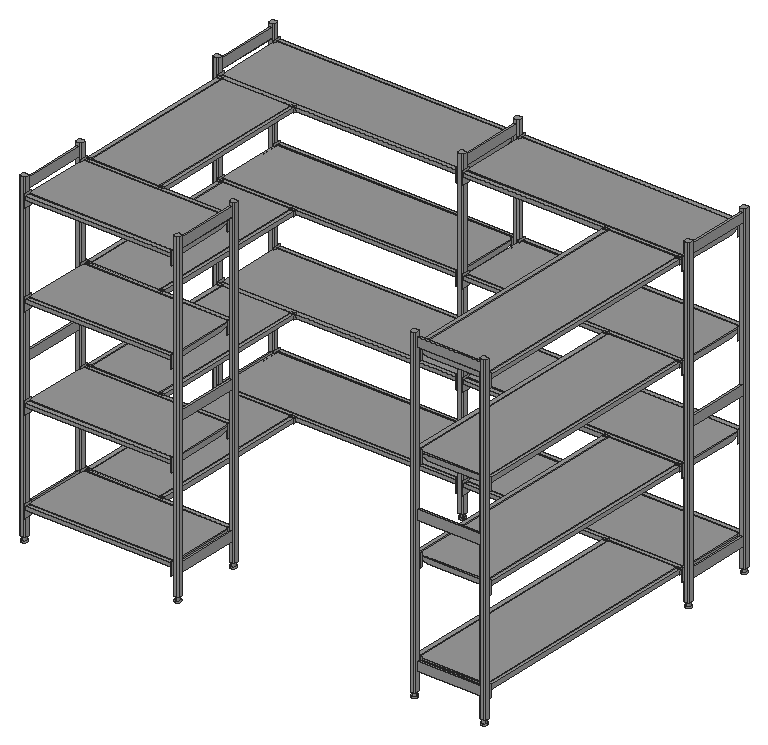
Revit family "QF_ELECTROLUXPROFESSIONAL_137101_CRS2416", category Attrezzature speciali, Revit 2020
Family settings
  Quota connettore circolare = Usa diametro
  Tipo di parte = Normale
  Basato su piano di lavoro = No
  Sempre verticale = Sì
  Taglio con vuoti quando caricato = No
  Condiviso = No
  Punto di calcolo locali = No
Parameters (values of type "Standard")
  Weight = 83.00 kg
  Watts = 0 W
  Volts = 0 V
  URL Manufacturer = "https://www.electroluxprofessional.com/"
  URL = "https://www.electroluxprofessional.com/"
  Steam Supply Size = 0 mm
  Steam Supply Minimum Pressure = 0.0 Pa
  Steam Supply Maximum Pressure = 0.0 Pa
  Steam Consumption per Hour = 0
  Refrigeration Suction Line Size = 0 mm
  Refrigeration Liquid Line Size = 0 mm
  Refrigerant Compressor Remote = yes
  Prospetto di default = 0 mm
  Produttore = "Electrolux Professional"
  Phase = 0
  Modello = "CRS2416"
  Length Actual = 708 mm  # constant formula
  Item Number = "137101"
  Hot Water Size = 0 mm
  Height Actual = 1550 mm  # constant formula
  HP = "0 HP"
  Gas Size = 0 mm
  Gas KW = 0
  Gas Input Pressure = 0 W
  Direct Waste Size = 0 mm
  Descrizione = "ALUM.SHELV.,POLY.TIERS-COLDROOM 243X163"
  Depth Actual = 373 mm  # constant formula
  Cycle = 0 Hz
  Condensate Return Size = 0 mm
  Compressed Air Volume = 0.0 L/s
  Compressed Air Size = 0 mm
  Compressed Air Pressure = 0.0 Pa
  Cold Water Size = 0 mm
  Accessory = yes
Reference planes
  plane 1 "Center (Front/Back)": y = 0
  plane 2: z = 0
  plane 3 "Center (Left/Right)": x = 0
  plane 4: x = -1215
  plane 5: y = 815
  plane 6: y = -815
  plane 7: x = 1215
  plane 8: x = -1157
  plane 9: x = 1157
  plane 10: y = 780.5
  plane 11: y = -780.5
Forms (mm)
  Extrusion 1, solid, material "QF_Clearances", detail levels coarse
    sketch origin (0, 0, 0) x (1, 0, 0) y (0, 1, 0)
      loop
        line (-1215, -815) -> (1215, -815) -> (1215, 815) -> (-1215, 815) -> (-1215, -815)
      loop
        line (1157, -780.5) -> (1157, 780.5) -> (-1157, 780.5) -> (-1157, -780.5) -> (1157, -780.5)
    from 0 to 1590
Lines and regions (mm)
  symbolic lines, style "QF_Clearances"
    curve 1: line (-1215, 815, 0) -> (-1215, -815, 0)
    curve 2: line (1215, 815, 0) -> (-1215, 815, 0)
    curve 3: line (1215, -815, 0) -> (1215, 815, 0)
Dimensions and locks
  equal spacing: plane 5, plane 1 "Center (Front/Back)", plane 6
  plane 5 to plane 6 = 1630 mm
  equal spacing: plane 4, plane 3 "Center (Left/Right)", plane 7
  plane 4 to plane 7 = 2430 mm
  plane 4 to plane 8 = 58 mm  (x2)
  plane 8 to plane 9 = 2314 mm
  plane 11 to plane 6 = 34.5 mm
  plane 10 to plane 11 = 1561 mm
  Extrusion 1 to nested 4 = 775.5 mm
  aligned and locked: level to plane 2
  aligned and locked: plane 4 to Extrusion 1 sketch curve
  aligned and locked: Extrusion 1 sketch curve to plane 5
  aligned and locked: Extrusion 1 sketch curve to plane 7
  aligned and locked: Extrusion 1 sketch curve to plane 8
  aligned and locked: plane 10 to Extrusion 1 sketch curve
  aligned and locked: plane 9 to Extrusion 1 sketch curve
  aligned and locked: Extrusion 1 sketch curve to plane 11
  aligned and locked: Extrusion 1 sketch curve to plane 6
Automatic sketch dimensions
  curve 1 to plane 4 = 0 mm
  curve 2 to plane 5 = 0 mm
  curve 2 to plane 7 = 0 mm
  curve 1 to plane 6 = 0 mm
  curve 3 to plane 6 = 0 mm
Nested families
  nested 1: "QF_1152" at (-518, 757.5, 0), type "QF_1152"
  nested 2: "QF_1062" at (625, 757.5, 0), type "QF_1062"
  nested 3: "QF_798G2" at (-905.5, 123, 0), type "QF_798G2"
  nested 4: "QF_708" at (-736.5, -417.5, 0), type "QF_708"
  nested 5: "QF_1152G" at (967.5, -231, 0), type "QF_1152G"
Definition of nested family "QF_1152"
  Parameters
    Default Elevation = 0 mm
    Model = "137015"
    Manufacturer = "Electrolux Professional"
    Description = ""
  Reference planes
    plane 1: z = 0
    plane 2 "Center (Left/Right)": x = -31
    plane 3 "LEFT": x = -639
    plane 4 "RIGHT": x = 577
    plane 5 "BACK": y = 23
    plane 6 "FRONT": y = -350
    plane 7 "TOP": z = 1700
    plane 8: x = 572
    plane 9: x = -607
    plane 10: x = 545
    plane 11 "Center (Front/Back)": y = -163.5
    plane 12: x = 540
    plane 13: y = -8.5
    plane 14: y = -318.5
    plane 15 "FEET": z = 25
    plane 16: z = 140
    plane 17: z = 590
    plane 18: z = 1040
    plane 19: z = 1490
    plane 20 "CXLeft": x = -625
    plane 21 "CXRight": x = 563
    plane 22: y = 5.5
    plane 23 "CYBack": y = 5.5
    plane 24 "CYFront": y = -332.5
  Forms (mm)
    Extrusion 1, solid
      sketch origin (-639, 0, 0) x (0, 1, 0) y (0, 0, 1)
        loop
          line (4, 1515.994) -> (4, 1497.998) -> (23, 1497.998) -> (23, 1515.994) -> (4, 1515.994)
        loop
          line (-331, 1515.994) -> (-350, 1515.994) -> (-350, 1497.998) -> (-331, 1497.998) -> (-331, 1515.994)
        loop
          line (4, 1065.994) -> (4, 1047.998) -> (23, 1047.998) -> (23, 1065.994) -> (4, 1065.994)
        loop
          line (-331, 1065.994) -> (-350, 1065.994) -> (-350, 1047.998) -> (-331, 1047.998) -> (-331, 1065.994)
        loop
          line (4, 615.994) -> (4, 597.998) -> (23, 597.998) -> (23, 615.994) -> (4, 615.994)
        loop
          line (-331, 615.994) -> (-350, 615.994) -> (-350, 597.998) -> (-331, 597.998) -> (-331, 615.994)
        loop
          line (4, 165.994) -> (4, 147.998) -> (23, 147.998) -> (23, 165.994) -> (4, 165.994)
        loop
          line (-331, 165.994) -> (-350, 165.994) -> (-350, 147.998) -> (-331, 147.998) -> (-331, 165.994)
      from 32 to 1184
    Extrusion 2, solid
      sketch origin (-639, 0, 135) x (0, 1, 0) y (0, 0, 1)
        loop
          line (2.007, 1380.994) -> (-329, 1380.994) -> (-329, 1374.496) -> (2.007, 1374.496) -> (2.007, 1380.994)
        loop
          line (2.007, 930.994) -> (-329, 930.994) -> (-329, 924.496) -> (2.007, 924.496) -> (2.007, 930.994)
        loop
          line (2.007, 480.994) -> (-329, 480.994) -> (-329, 474.496) -> (2.007, 474.496) -> (2.007, 480.994)
        loop
          line (2.007, 30.994) -> (-329, 30.994) -> (-329, 24.496) -> (2.007, 24.496) -> (2.007, 30.994)
      from 32 to 1184
    Extrusion 3, solid
      sketch origin (577, 0, 135) x (0, 1, 0) y (0, 0, 1)
        loop
          line (-12, 1362.998) -> (4, 1362.998) -> (4, 1380.994) -> (2.007, 1380.994) -> (2.007, 1374.496) -> (-329, 1374.496) -> (-329, 1380.994) -> (-331, 1380.994) -> (-331, 1362.998) -> (-315, 1362.998) -> (-281, 1350.994) -> (-46, 1350.994) -> (-12, 1362.998)
        loop
          line (-12, 912.998) -> (4, 912.998) -> (4, 930.994) -> (2.007, 930.994) -> (2.007, 924.496) -> (-329, 924.496) -> (-329, 930.994) -> (-331, 930.994) -> (-331, 912.998) -> (-315, 912.998) -> (-281, 900.994) -> (-46, 900.994) -> (-12, 912.998)
        loop
          line (-12, 462.998) -> (4, 462.998) -> (4, 480.994) -> (2.007, 480.994) -> (2.007, 474.496) -> (-329, 474.496) -> (-329, 480.994) -> (-331, 480.994) -> (-331, 462.998) -> (-315, 462.998) -> (-281, 450.994) -> (-46, 450.994) -> (-12, 462.998)
        loop
          line (-12, 12.998) -> (4, 12.998) -> (4, 30.994) -> (2.007, 30.994) -> (2.007, 24.496) -> (-329, 24.496) -> (-329, 30.994) -> (-331, 30.994) -> (-331, 12.998) -> (-315, 12.998) -> (-281, 0.994) -> (-46, 0.994) -> (-12, 12.998)
      from -32 to -37
  Lines and regions (mm)
    symbolic lines
      curve 1: line (545, 4, 1700) -> (-607, 4, 1700)
      curve 2: line (-611, 23, 1700) -> (549, 23, 1700)
      curve 3: line (549, 13.246, 1700) -> (555.254, 19.5, 1700)
      curve 4: line (555.254, -8.5, 1700) -> (549, -2.246, 1700)
      curve 5: line (555.254, -318.5, 1700) -> (549, -324.754, 1700)
      curve 6: line (-611, -350, 1700) -> (549, -350, 1700)
      curve 7: line (549, 23, 1700) -> (549, -12.993, 1700)
      curve 8: line (549, -12.993, 1700) -> (545, -12.993, 1700)
      curve 9: line (549, -350, 1700) -> (549, -314.007, 1700)
      curve 10: line (549, -314.007, 1700) -> (545, -314.007, 1700)
      curve 11: line (-607, -12.993, 1700) -> (-607, -314.007, 1700)
      curve 12: line (-607, -331, 1700) -> (545, -331, 1700)
      curve 13: line (545, -12.993, 1700) -> (545, -314.007, 1700)
  Dimensions and locks
    locked: plane 3 "LEFT" to plane 4 "RIGHT" at 1216
    equal spacing: plane 3 "LEFT", plane 2 "Center (Left/Right)", plane 4 "RIGHT"
    locked: plane 7 "TOP" to level at 1700
    locked: plane 5 "BACK" to plane 6 "FRONT" at 373
    locked: plane 4 "RIGHT" to plane 8 at 5
    locked: plane 9 to plane 10 at 1152
    locked: plane 3 "LEFT" to plane 9 at 32
    plane 12 to plane 10 = 5 mm
    locked: plane 13 to plane 14 at 310
    equal spacing: plane 13, plane 11 "Center (Front/Back)", plane 14
    equal spacing: plane 5 "BACK", plane 11 "Center (Front/Back)", plane 6 "FRONT"
    plane 15 "FEET" to level = 25 mm
    plane 7 "TOP" to plane 15 "FEET" = 1675 mm
    plane 17 to plane 16 = 450 mm
    plane 18 to plane 17 = 450 mm
    plane 19 to plane 18 = 450 mm
    locked: plane 3 "LEFT" to plane 20 "CXLeft" at 14
    locked: plane 21 "CXRight" to plane 4 "RIGHT" at 14
    locked: plane 5 "BACK" to plane 23 "CYBack" at 17.5
    locked: plane 24 "CYFront" to plane 6 "FRONT" at 17.5
    plane 16 to level = 140 mm
    plane 17 to level = 590 mm
    plane 18 to level = 1040 mm
    plane 19 to level = 1490 mm
    aligned and locked: level to plane 1
    aligned and locked: plane 9 to Extrusion 2
    aligned and locked: Extrusion 2 to plane 10
    aligned and locked: plane 9 to Extrusion 1
    aligned and locked: Extrusion 1 to plane 10
    aligned and locked: Extrusion 1 sketch curve to Extrusion 1 sketch curve  (x2)
    aligned and locked: Extrusion 3 sketch curve to Extrusion 3 sketch curve  (x3)
    aligned and locked: Extrusion 3 to plane 12
    aligned and locked: Extrusion 3 to plane 10
    aligned and locked: plane 20 "CXLeft" to nested 1
    aligned and locked: plane 21 "CXRight" to nested 2
  Automatic sketch dimensions
    Extrusion 1 sketch curve to plane 6 "FRONT" = 0 mm  (x4)
    Extrusion 1 sketch curve to plane 5 "BACK" = 0 mm  (x4)
    plane 24 "CYFront" to Extrusion 1 sketch curve = 1.5 mm  (x2)
    plane 22 to Extrusion 1 sketch curve = 1.5 mm  (x4)
    plane 16 to Extrusion 1 sketch curve = 7.998 mm  (x2)
    Extrusion 1 sketch curve to Extrusion 1 sketch curve = 17.997 mm  (x8)
    plane 17 to Extrusion 1 sketch curve = 7.998 mm  (x2)
    plane 18 to Extrusion 1 sketch curve = 7.998 mm  (x2)
    plane 19 to Extrusion 1 sketch curve = 7.998 mm  (x2)
    plane 24 "CYFront" to Extrusion 2 sketch curve = 3.5 mm  (x4)
    plane 22 to Extrusion 2 sketch curve = 3.493 mm  (x4)
    plane 16 to Extrusion 2 sketch curve = 19.496 mm
    Extrusion 2 sketch curve to Extrusion 2 sketch curve = 6.499 mm  (x4)
    plane 17 to Extrusion 2 sketch curve = 19.496 mm
    plane 18 to Extrusion 2 sketch curve = 19.496 mm
    plane 19 to Extrusion 2 sketch curve = 19.496 mm
    plane 24 "CYFront" to Extrusion 3 sketch curve = 1.5 mm  (x4)
    Extrusion 3 sketch curve to Extrusion 3 sketch curve = 2 mm
    plane 14 to Extrusion 3 sketch curve = 3.5 mm  (x4)
    Extrusion 3 sketch curve to plane 16 = 4.006 mm
    Extrusion 3 sketch curve to Extrusion 3 sketch curve = 34 mm  (x4)
    Extrusion 3 sketch curve to plane 17 = 4.006 mm
    Extrusion 3 sketch curve to plane 18 = 4.006 mm
    Extrusion 3 sketch curve to plane 19 = 4.006 mm
    Extrusion 3 sketch curve to plane 13 = 37.5 mm  (x4)
    Extrusion 3 sketch curve to plane 13 = 3.5 mm  (x4)
    plane 22 to Extrusion 3 sketch curve = 3.493 mm  (x4)
    plane 22 to Extrusion 3 sketch curve = 1.5 mm  (x4)
    plane 16 to Extrusion 3 sketch curve = 7.998 mm  (x2)
    Extrusion 3 sketch curve to Extrusion 3 sketch curve = 11.498 mm  (x4)
    Extrusion 3 sketch curve to Extrusion 3 sketch curve = 6.499 mm  (x8)
    plane 17 to Extrusion 3 sketch curve = 7.998 mm  (x2)
    plane 18 to Extrusion 3 sketch curve = 7.998 mm  (x2)
    plane 19 to Extrusion 3 sketch curve = 7.998 mm  (x2)
    curve 6 to plane 6 "FRONT" = 0 mm
    curve 12 to plane 9 = 0 mm
    curve 12 to plane 10 = 0 mm
    curve 5 to plane 14 = 0 mm
    curve 11 to plane 9 = 0 mm
    curve 8 to plane 10 = 0 mm
    curve 4 to plane 13 = 0 mm
    curve 1 to plane 9 = 0 mm
    curve 1 to plane 10 = 0 mm
    curve 2 to plane 5 "BACK" = 0 mm
    plane 14 to curve 10 = 4.493 mm
    curve 7 to plane 13 = 4.493 mm
    curve 10 to plane 10 = 4 mm
    curve 7 to plane 10 = 4 mm
    plane 24 "CYFront" to curve 12 = 1.5 mm
    curve 5 to plane 14 = 6.254 mm
    plane 14 to curve 11 = 4.493 mm
    curve 11 to plane 13 = 4.493 mm
    plane 13 to curve 4 = 6.254 mm
    plane 22 to curve 1 = 1.5 mm
    curve 3 to plane 22 = 7.746 mm
    curve 3 to plane 5 "BACK" = 3.5 mm
    curve 5 to curve 9 = 6.254 mm
    curve 3 to curve 2 = 6.254 mm
    curve 4 to curve 7 = 6.254 mm
    plane 9 to curve 2 = 4 mm
    plane 9 to curve 6 = 4 mm
  Nested families
    nested 1: "WT_Anta373B" at (-222, 0, 0), type "WT_Anta373B"
    nested 2: "WT_Anta373B" at (160, 0, 0) x (-1, 0, 0) z (0, 0, 1), type "WT_Anta373B"
  Definition of nested family "WT_Anta373B"
    Parameters
      WidthLeft = A + 64 mm  # 772 mm
      Width = 1606 mm
      Right = WidthLeft / 2  # 386 mm
      Default Elevation = 0 mm
      Left = -WidthLeft / 2  # -386 mm
      Height = 1590 mm
      FEET = 25 mm
      E = 0 mm
      Dint = Depth - 63 mm  # 310 mm
      Dext = Depth - 8 mm  # 365 mm
      Depth = 373 mm
      DX = (WidthLeft - A) / 2  # 32 mm
      B = 798 mm
      A = 708 mm
    Reference planes
      plane 1: z = 0
      plane 2 "LEFT": x = -417
      plane 3 "BACK": y = 23
      plane 4 "FRONT": y = -350
      plane 5 "TOP": z = 1590
      plane 6 "Center (Front/Back)": y = -163.5
      plane 7: y = -8.5
      plane 8: y = -318.5
      plane 9 "FEET": z = 25
      plane 10: z = 140
      plane 11: z = 590
      plane 12: z = 1040
      plane 13: z = 1490
      plane 14 "CXLeft": x = -403
      plane 15: y = 5.5
      plane 16 "CYBack": y = 5.5
      plane 17 "CYFront": y = -332.5
      plane 18: x = -385.031
      plane 19: x = -380.031
    Forms (mm)
      Extrusion 1, solid
        sketch origin (0, 0, 0) x (1, 0, 0) y (0, 1, 0)
          loop
            line (-417, 13.246) -> (-417, -2.246) -> (-410.746, -8.5) -> (-395.254, -8.5) -> (-389, -2.246) -> (-389, 13.246) -> (-395.254, 19.5) -> (-410.746, 19.5) -> (-417, 13.246)
        from 1590 to 25
      Extrusion 2, solid
        sketch origin (-417, 0, 0) x (0, 1, 0) y (0, 0, 1)
          loop
            line (23, 111.005) -> (23, 172.993) -> (-12.993, 172.993) -> (-12.993, 111.005) -> (23, 111.005)
          loop
            line (-350, 111.005) -> (-314.007, 111.005) -> (-314.007, 172.993) -> (-350, 172.993) -> (-350, 111.005)
          loop
            line (23, 561.005) -> (23, 622.993) -> (-12.993, 622.993) -> (-12.993, 561.005) -> (23, 561.005)
          loop
            line (-350, 561.005) -> (-314.007, 561.005) -> (-314.007, 622.993) -> (-350, 622.993) -> (-350, 561.005)
          loop
            line (23, 1011.005) -> (23, 1072.993) -> (-12.993, 1072.993) -> (-12.993, 1011.005) -> (23, 1011.005)
          loop
            line (-350, 1011.005) -> (-314.007, 1011.005) -> (-314.007, 1072.993) -> (-350, 1072.993) -> (-350, 1011.005)
          loop
            line (23, 1461.005) -> (23, 1522.993) -> (-12.993, 1522.993) -> (-12.993, 1461.005) -> (23, 1461.005)
          loop
            line (-350, 1461.005) -> (-314.007, 1461.005) -> (-314.007, 1522.993) -> (-350, 1522.993) -> (-350, 1461.005)
        from 28 to 32
      Revolve 3, solid
        sketch origin (-403, 0, 0) x (0, 1, 0) y (0, 0, 1)
          loop
            line (5.5, 25) -> (5.5, 0) -> (19, 0) -> (19, 5) -> (14, 5) -> (14, 25) -> (5.5, 25)
          axis (5.5, 25) -> (5.5, 0)
        angle from 0 to 360
      Extrusion 4, solid
        sketch origin (-403, 0, 0) x (0, 1, 0) y (0, 0, 1)
          loop
            line (-8.5, 777.382) -> (-8.5, 822.374) -> (-318.5, 822.374) -> (-318.5, 777.382) -> (-8.5, 777.382)
          loop
            line (-8.5, 1527.244) -> (-8.5, 1572.236) -> (-318.5, 1572.236) -> (-318.5, 1527.244) -> (-8.5, 1527.244)
        from -5 to 5
      Revolve 5, solid
        sketch origin (-403, -627, 0) x (0, -1, 0) y (0, 0, 1)
          loop
            line (-294.5, 25) -> (-294.5, 0) -> (-281, 0) -> (-281, 5) -> (-286, 5) -> (-286, 25) -> (-294.5, 25)
          axis (-294.5, 25) -> (-294.5, 0)
        angle from 0 to 360
      Extrusion 6, solid
        sketch origin (0, -627, 0) x (1, 0, 0) y (0, 1, 0)
          loop
            line (-417, 286.754) -> (-410.746, 280.5) -> (-395.254, 280.5) -> (-389, 286.754) -> (-389, 302.246) -> (-395.254, 308.5) -> (-410.746, 308.5) -> (-417, 302.246) -> (-417, 286.754)
        from 1590 to 25
      Extrusion 7, solid
        sketch origin (-417.031, -0.022, 0) x (0, 1, 0) y (0, 0, -1)
          loop
            line (-12, -1497.998) -> (-46, -1485.994) -> (-281, -1485.994) -> (-315, -1497.998) -> (-331, -1497.998) -> (-331, -1515.994) -> (-329, -1515.994) -> (-329, -1509.496) -> (2.007, -1509.496) -> (2.007, -1515.994) -> (4, -1515.994) -> (4, -1497.998) -> (-12, -1497.998)
          loop
            line (-12, -1047.998) -> (-46, -1035.994) -> (-281, -1035.994) -> (-315, -1047.998) -> (-331, -1047.998) -> (-331, -1065.994) -> (-329, -1065.994) -> (-329, -1059.496) -> (2.007, -1059.496) -> (2.007, -1065.994) -> (4, -1065.994) -> (4, -1047.998) -> (-12, -1047.998)
          loop
            line (-12, -597.998) -> (-46, -585.994) -> (-281, -585.994) -> (-315, -597.998) -> (-331, -597.998) -> (-331, -615.994) -> (-329, -615.994) -> (-329, -609.496) -> (2.007, -609.496) -> (2.007, -615.994) -> (4, -615.994) -> (4, -597.998) -> (-12, -597.998)
          loop
            line (-12, -147.998) -> (-46, -135.994) -> (-281, -135.994) -> (-315, -147.998) -> (-331, -147.998) -> (-331, -165.994) -> (-329, -165.994) -> (-329, -159.496) -> (2.007, -159.496) -> (2.007, -165.994) -> (4, -165.994) -> (4, -147.998) -> (-12, -147.998)
        from -32 to -37
      Extrusion 8, solid
        sketch origin (-403, 0, -659.878) x (0, 1, 0) y (0, 0, 1)
          loop
            line (-8.5, 777.382) -> (-8.5, 822.374) -> (-318.5, 822.374) -> (-318.5, 777.382) -> (-8.5, 777.382)
          loop
            line (-8.5, 1437.382) -> (-8.5, 1482.374) -> (-318.5, 1482.374) -> (-318.5, 1437.382) -> (-8.5, 1437.382)
          loop
            line (-8.5, 2187.382) -> (-8.5, 2232.374) -> (-318.5, 2232.374) -> (-318.5, 2187.382) -> (-8.5, 2187.382)
        from -5 to 5
    Lines and regions (mm)
      symbolic lines
        curve 1: line (-408, -8.5, 1590) -> (-408, -318.5, 1590)
        curve 2: line (-398, -318.5, 1590) -> (-398, -8.5, 1590)
        curve 3: line (-395.254, -8.5, 1590) -> (-410.746, -8.5, 1590)
        curve 4: line (-417, -2.246, 1590) -> (-410.746, -8.5, 1590)
        curve 5: line (-417, 13.246, 1590) -> (-417, -2.246, 1590)
        curve 6: line (-410.746, 19.5, 1590) -> (-417, 13.246, 1590)
        curve 7: line (-395.254, 19.5, 1590) -> (-410.746, 19.5, 1590)
        curve 8: line (-389, 13.246, 1590) -> (-395.254, 19.5, 1590)
        curve 9: line (-395.254, -8.5, 1590) -> (-389, -2.246, 1590)
        curve 10: line (-395.254, -318.5, 1590) -> (-410.746, -318.5, 1590)
        curve 11: line (-417, -324.754, 1590) -> (-410.746, -318.5, 1590)
        curve 12: line (-410.746, -346.5, 1590) -> (-417, -340.246, 1590)
        curve 13: line (-395.254, -346.5, 1590) -> (-410.746, -346.5, 1590)
        curve 14: line (-389, -340.246, 1590) -> (-395.254, -346.5, 1590)
        curve 15: line (-395.254, -318.5, 1590) -> (-389, -324.754, 1590)
        curve 16: line (-389, -350, 1590) -> (-389, -314.007, 1590)
        curve 17: line (-389, -314.007, 1590) -> (-385, -314.007, 1590)
        curve 18: line (-389, 23, 1590) -> (-389, -12.993, 1590)
        curve 19: line (-389, -12.993, 1590) -> (-385, -12.993, 1590)
        curve 20: line (-417, -324.754, 1590) -> (-417, -340.246, 1590)
        curve 21: line (-385, -350, 1590) -> (-385, -314.007, 1590)
        curve 22: line (-385, -350, 1590) -> (-389, -350, 1590)
        curve 23: line (-385, 23, 1590) -> (-389, 23, 1590)
        curve 24: line (-385, -12.993, 1590) -> (-385, 23, 1590)
        curve 25: line (-385.031, -13.016, 1725) -> (-385.031, -314.029, 1725)
    Dimensions and locks
      "Depth": plane 3 "BACK" to plane 4 "FRONT"
      "Dint": plane 7 to plane 8
      equal spacing: plane 7, plane 6 "Center (Front/Back)", plane 8
      equal spacing: plane 3 "BACK", plane 6 "Center (Front/Back)", plane 4 "FRONT"
      plane 9 "FEET" to level = 25 mm
      plane 10 to plane 9 "FEET" = 115 mm
      plane 11 to plane 10 = 450 mm
      plane 12 to plane 11 = 450 mm
      plane 13 to plane 12 = 450 mm
      locked: plane 2 "LEFT" to plane 14 "CXLeft" at 14
      locked: plane 3 "BACK" to plane 16 "CYBack" at 17.5
      locked: plane 17 "CYFront" to plane 4 "FRONT" at 17.5
      locked: Revolve 3 sketch curve to Revolve 3 sketch curve at 8.5
      locked: Revolve 3 sketch curve to plane 16 "CYBack" at 13.5
      locked: Revolve 5 sketch curve to Revolve 5 sketch curve at 8.5
      plane 10 to level = 140 mm
      plane 11 to level = 590 mm
      plane 12 to level = 1040 mm
      plane 13 to level = 1490 mm
      "Height": plane 5 "TOP" to level
      aligned and locked: level to plane 1
      aligned and locked: curve 20 to Extrusion 6
      aligned and locked: plane 5 "TOP" to Extrusion 1
      aligned and locked: plane 5 "TOP" to Extrusion 6
      aligned and locked: Extrusion 7 sketch curve to Extrusion 7 sketch curve  (x3)
    Automatic sketch dimensions
      curve 16 to plane 4 "FRONT" = 0 mm
      curve 11 to plane 8 = 0 mm
      curve 9 to plane 7 = 0 mm
      curve 5 to plane 2 "LEFT" = 0 mm
      curve 23 to plane 3 "BACK" = 0 mm
      plane 4 "FRONT" to curve 13 = 3.5 mm
      curve 20 to plane 17 "CYFront" = 7.746 mm
      curve 20 to plane 8 = 6.254 mm
      plane 8 to curve 16 = 4.493 mm
      curve 24 to plane 18 = 0.031 mm
      curve 24 to plane 7 = 4.493 mm
      plane 7 to curve 5 = 6.254 mm
      curve 5 to plane 15 = 7.746 mm
      curve 6 to plane 3 "BACK" = 3.5 mm
      curve 21 to plane 18 = 0.031 mm
      plane 18 to curve 23 = 3.969 mm
      plane 18 to curve 16 = 3.969 mm
      curve 18 to curve 8 = 6.254 mm
      curve 18 to curve 3 = 6.254 mm
      curve 16 to curve 13 = 6.254 mm
      curve 16 to curve 15 = 6.254 mm
      plane 2 "LEFT" to curve 10 = 6.254 mm
      plane 2 "LEFT" to curve 7 = 6.254 mm
      plane 2 "LEFT" to curve 12 = 6.254 mm
      plane 2 "LEFT" to curve 3 = 6.254 mm
      curve 14 to plane 17 "CYFront" = 7.746 mm
      curve 15 to plane 8 = 6.254 mm
      plane 7 to curve 9 = 6.254 mm
      curve 8 to plane 15 = 7.746 mm
      curve 3 to curve 2 = 2.746 mm
      curve 1 to curve 10 = 2.746 mm
      Extrusion 1 sketch curve to plane 2 "LEFT" = 0 mm
      Extrusion 1 sketch curve to plane 7 = 0 mm
      plane 2 "LEFT" to Extrusion 1 sketch curve = 6.254 mm  (x2)
      plane 14 "CXLeft" to Extrusion 1 sketch curve = 7.746 mm  (x2)
      Extrusion 1 sketch curve to plane 3 "BACK" = 3.5 mm
      plane 18 to Extrusion 1 sketch curve = 3.969 mm
      plane 7 to Extrusion 1 sketch curve = 6.254 mm  (x2)
      Extrusion 1 sketch curve to plane 15 = 7.746 mm  (x2)
      Extrusion 2 sketch curve to plane 4 "FRONT" = 0 mm  (x4)
      Extrusion 2 sketch curve to plane 3 "BACK" = 0 mm  (x4)
      plane 8 to Extrusion 2 sketch curve = 4.493 mm  (x4)
      Extrusion 2 sketch curve to plane 7 = 4.493 mm  (x4)
      Extrusion 2 sketch curve to plane 10 = 28.995 mm  (x2)
      plane 10 to Extrusion 2 sketch curve = 32.993 mm  (x2)
      Extrusion 2 sketch curve to plane 11 = 28.995 mm  (x2)
      plane 11 to Extrusion 2 sketch curve = 32.993 mm  (x2)
      Extrusion 2 sketch curve to plane 12 = 28.995 mm  (x2)
      plane 12 to Extrusion 2 sketch curve = 32.993 mm  (x2)
      Extrusion 2 sketch curve to plane 13 = 28.995 mm  (x2)
      plane 13 to Extrusion 2 sketch curve = 32.993 mm  (x2)
      Revolve 3 sketch curve to plane 9 "FEET" = 0 mm  (x2)
      Revolve 3 sketch curve to plane 15 = 0 mm  (x2)
      Revolve 3 sketch curve to level = 0 mm
      level to Revolve 3 sketch curve = 5 mm
      Revolve 3 sketch curve to Revolve 3 sketch curve = 11.655 mm
      Extrusion 4 sketch curve to plane 8 = 0 mm  (x2)
      Extrusion 4 sketch curve to plane 7 = 0 mm  (x2)
      plane 11 to Extrusion 4 sketch curve = 187.382 mm
      Extrusion 4 sketch curve to Extrusion 4 sketch curve = 44.992 mm
      plane 13 to Extrusion 4 sketch curve = 37.244 mm
      Extrusion 4 sketch curve to plane 5 "TOP" = 17.764 mm
      Revolve 5 sketch curve to plane 9 "FEET" = 0 mm  (x2)
      Revolve 5 sketch curve to plane 17 "CYFront" = 0 mm  (x2)
      Revolve 5 sketch curve to level = 0 mm
      Revolve 5 sketch curve to plane 4 "FRONT" = 4 mm
      Revolve 5 sketch curve to Revolve 5 sketch curve = 5 mm
      level to Revolve 5 sketch curve = 11.655 mm
      Extrusion 6 sketch curve to plane 2 "LEFT" = 0 mm
      Extrusion 6 sketch curve to plane 8 = 0 mm
      Extrusion 6 sketch curve to plane 2 "LEFT" = 6.254 mm  (x2)
      Extrusion 6 sketch curve to plane 14 "CXLeft" = 7.746 mm  (x2)
      Extrusion 6 sketch curve to plane 4 "FRONT" = 3.5 mm
      Extrusion 6 sketch curve to plane 18 = 3.969 mm
      plane 8 to Extrusion 6 sketch curve = 6.254 mm  (x2)
      plane 17 "CYFront" to Extrusion 6 sketch curve = 7.746 mm  (x2)
      plane 17 "CYFront" to Extrusion 7 sketch curve = 1.478 mm  (x4)
      Extrusion 7 sketch curve to Extrusion 7 sketch curve = 2 mm
      plane 8 to Extrusion 7 sketch curve = 3.478 mm  (x4)
      Extrusion 7 sketch curve to plane 10 = 4.006 mm
      Extrusion 7 sketch curve to Extrusion 7 sketch curve = 34 mm  (x4)
      Extrusion 7 sketch curve to plane 11 = 4.006 mm
      Extrusion 7 sketch curve to plane 12 = 4.006 mm
      Extrusion 7 sketch curve to plane 13 = 4.006 mm
      Extrusion 7 sketch curve to plane 7 = 37.522 mm  (x4)
      Extrusion 7 sketch curve to plane 7 = 3.522 mm  (x4)
      plane 15 to Extrusion 7 sketch curve = 3.516 mm  (x4)
      plane 15 to Extrusion 7 sketch curve = 1.522 mm  (x4)
      plane 13 to Extrusion 7 sketch curve = 7.998 mm  (x2)
      Extrusion 7 sketch curve to Extrusion 7 sketch curve = 11.498 mm
      Extrusion 7 sketch curve to Extrusion 7 sketch curve = 6.499 mm  (x5)
      plane 12 to Extrusion 7 sketch curve = 25.994 mm  (x2)
      plane 12 to Extrusion 7 sketch curve = 7.998 mm  (x2)
      plane 11 to Extrusion 7 sketch curve = 25.994 mm  (x2)
      plane 11 to Extrusion 7 sketch curve = 7.998 mm  (x2)
      plane 10 to Extrusion 7 sketch curve = 25.994 mm  (x2)
      plane 10 to Extrusion 7 sketch curve = 7.998 mm  (x2)
      curve 25 to plane 18 = 0 mm
      plane 8 to curve 25 = 4.471 mm
      curve 25 to plane 7 = 4.516 mm
      Extrusion 8 sketch curve to plane 8 = 0 mm  (x3)
      Extrusion 8 sketch curve to plane 7 = 0 mm  (x3)
      Extrusion 8 sketch curve to plane 10 = 22.496 mm
      plane 10 to Extrusion 8 sketch curve = 22.496 mm
      plane 11 to Extrusion 8 sketch curve = 187.504 mm
      Extrusion 8 sketch curve to Extrusion 8 sketch curve = 44.992 mm
      plane 13 to Extrusion 8 sketch curve = 37.504 mm
      Extrusion 8 sketch curve to plane 5 "TOP" = 17.504 mm
Definition of nested family "QF_1062"
  Parameters
    Default Elevation = 0 mm
    Model = "137014"
    Manufacturer = "Electrolux Professional"
    Description = ""
  Reference planes
    plane 1: z = 0
    plane 2 "Center (Left/Right)": x = -31
    plane 3 "LEFT": x = -594
    plane 4 "RIGHT": x = 532
    plane 5 "BACK": y = 23
    plane 6 "FRONT": y = -350
    plane 7 "TOP": z = 1700
    plane 8: x = 527
    plane 9: x = -562
    plane 10: x = 500
    plane 11 "Center (Front/Back)": y = -163.5
    plane 12: x = 495
    plane 13: y = -8.5
    plane 14: y = -318.5
    plane 15 "FEET": z = 25
    plane 16: z = 140
    plane 17: z = 590
    plane 18: z = 1040
    plane 19: z = 1490
    plane 20 "CXLeft": x = -580
    plane 21 "CXRight": x = 518
    plane 22: y = 5.5
    plane 23 "CYBack": y = 5.5
    plane 24 "CYFront": y = -332.5
  Forms (mm)
    Extrusion 1, solid
      sketch origin (-594, 0, 0) x (0, 1, 0) y (0, 0, 1)
        loop
          line (4, 1515.994) -> (4, 1497.998) -> (23, 1497.998) -> (23, 1515.994) -> (4, 1515.994)
        loop
          line (-331, 1515.994) -> (-350, 1515.994) -> (-350, 1497.998) -> (-331, 1497.998) -> (-331, 1515.994)
        loop
          line (4, 1065.994) -> (4, 1047.998) -> (23, 1047.998) -> (23, 1065.994) -> (4, 1065.994)
        loop
          line (-331, 1065.994) -> (-350, 1065.994) -> (-350, 1047.998) -> (-331, 1047.998) -> (-331, 1065.994)
        loop
          line (4, 615.994) -> (4, 597.998) -> (23, 597.998) -> (23, 615.994) -> (4, 615.994)
        loop
          line (-331, 615.994) -> (-350, 615.994) -> (-350, 597.998) -> (-331, 597.998) -> (-331, 615.994)
        loop
          line (4, 165.994) -> (4, 147.998) -> (23, 147.998) -> (23, 165.994) -> (4, 165.994)
        loop
          line (-331, 165.994) -> (-350, 165.994) -> (-350, 147.998) -> (-331, 147.998) -> (-331, 165.994)
      from 32 to 1094
    Extrusion 2, solid
      sketch origin (-594, 0, 135) x (0, 1, 0) y (0, 0, 1)
        loop
          line (2.007, 1380.994) -> (-329, 1380.994) -> (-329, 1374.496) -> (2.007, 1374.496) -> (2.007, 1380.994)
        loop
          line (2.007, 930.994) -> (-329, 930.994) -> (-329, 924.496) -> (2.007, 924.496) -> (2.007, 930.994)
        loop
          line (2.007, 480.994) -> (-329, 480.994) -> (-329, 474.496) -> (2.007, 474.496) -> (2.007, 480.994)
        loop
          line (2.007, 30.994) -> (-329, 30.994) -> (-329, 24.496) -> (2.007, 24.496) -> (2.007, 30.994)
      from 32 to 1094
    Extrusion 3, solid
      sketch origin (532, 0, 135) x (0, 1, 0) y (0, 0, 1)
        loop
          line (-12, 1362.998) -> (4, 1362.998) -> (4, 1380.994) -> (2.007, 1380.994) -> (2.007, 1374.496) -> (-329, 1374.496) -> (-329, 1380.994) -> (-331, 1380.994) -> (-331, 1362.998) -> (-315, 1362.998) -> (-281, 1350.994) -> (-46, 1350.994) -> (-12, 1362.998)
        loop
          line (-12, 912.998) -> (4, 912.998) -> (4, 930.994) -> (2.007, 930.994) -> (2.007, 924.496) -> (-329, 924.496) -> (-329, 930.994) -> (-331, 930.994) -> (-331, 912.998) -> (-315, 912.998) -> (-281, 900.994) -> (-46, 900.994) -> (-12, 912.998)
        loop
          line (-12, 462.998) -> (4, 462.998) -> (4, 480.994) -> (2.007, 480.994) -> (2.007, 474.496) -> (-329, 474.496) -> (-329, 480.994) -> (-331, 480.994) -> (-331, 462.998) -> (-315, 462.998) -> (-281, 450.994) -> (-46, 450.994) -> (-12, 462.998)
        loop
          line (-12, 12.998) -> (4, 12.998) -> (4, 30.994) -> (2.007, 30.994) -> (2.007, 24.496) -> (-329, 24.496) -> (-329, 30.994) -> (-331, 30.994) -> (-331, 12.998) -> (-315, 12.998) -> (-281, 0.994) -> (-46, 0.994) -> (-12, 12.998)
      from -32 to -37
  Lines and regions (mm)
    symbolic lines
      curve 1: line (500, 4, 1700) -> (-562, 4, 1700)
      curve 2: line (-566, 23, 1700) -> (504, 23, 1700)
      curve 3: line (504, 13.246, 1700) -> (510.254, 19.5, 1700)
      curve 4: line (510.254, -8.5, 1700) -> (504, -2.246, 1700)
      curve 5: line (510.254, -318.5, 1700) -> (504, -324.754, 1700)
      curve 6: line (-566, -350, 1700) -> (504, -350, 1700)
      curve 7: line (504, 23, 1700) -> (504, -12.993, 1700)
      curve 8: line (504, -12.993, 1700) -> (500, -12.993, 1700)
      curve 9: line (504, -350, 1700) -> (504, -314.007, 1700)
      curve 10: line (504, -314.007, 1700) -> (500, -314.007, 1700)
      curve 11: line (-562, -12.993, 1700) -> (-562, -314.007, 1700)
      curve 12: line (-562, -331, 1700) -> (500, -331, 1700)
      curve 13: line (500, -12.993, 1700) -> (500, -314.007, 1700)
  Dimensions and locks
    locked: plane 3 "LEFT" to plane 4 "RIGHT" at 1126
    equal spacing: plane 3 "LEFT", plane 2 "Center (Left/Right)", plane 4 "RIGHT"
    locked: plane 7 "TOP" to level at 1700
    locked: plane 5 "BACK" to plane 6 "FRONT" at 373
    locked: plane 4 "RIGHT" to plane 8 at 5
    locked: plane 9 to plane 10 at 1062
    locked: plane 3 "LEFT" to plane 9 at 32
    plane 12 to plane 10 = 5 mm
    locked: plane 13 to plane 14 at 310
    equal spacing: plane 13, plane 11 "Center (Front/Back)", plane 14
    equal spacing: plane 5 "BACK", plane 11 "Center (Front/Back)", plane 6 "FRONT"
    plane 15 "FEET" to level = 25 mm
    plane 7 "TOP" to plane 15 "FEET" = 1675 mm
    plane 17 to plane 16 = 450 mm
    plane 18 to plane 17 = 450 mm
    plane 19 to plane 18 = 450 mm
    locked: plane 3 "LEFT" to plane 20 "CXLeft" at 14
    locked: plane 21 "CXRight" to plane 4 "RIGHT" at 14
    locked: plane 5 "BACK" to plane 23 "CYBack" at 17.5
    locked: plane 24 "CYFront" to plane 6 "FRONT" at 17.5
    plane 16 to level = 140 mm
    plane 17 to level = 590 mm
    plane 18 to level = 1040 mm
    plane 19 to level = 1490 mm
    aligned and locked: level to plane 1
    aligned and locked: plane 9 to Extrusion 2
    aligned and locked: Extrusion 2 to plane 10
    aligned and locked: plane 9 to Extrusion 1
    aligned and locked: Extrusion 1 to plane 10
    aligned and locked: Extrusion 1 sketch curve to Extrusion 1 sketch curve  (x2)
    aligned and locked: Extrusion 3 sketch curve to Extrusion 3 sketch curve  (x3)
    aligned and locked: Extrusion 3 to plane 12
    aligned and locked: Extrusion 3 to plane 10
    aligned and locked: plane 20 "CXLeft" to nested 1
    aligned and locked: plane 21 "CXRight" to nested 2
  Automatic sketch dimensions
    Extrusion 1 sketch curve to plane 6 "FRONT" = 0 mm  (x4)
    Extrusion 1 sketch curve to plane 5 "BACK" = 0 mm  (x4)
    plane 24 "CYFront" to Extrusion 1 sketch curve = 1.5 mm  (x2)
    plane 22 to Extrusion 1 sketch curve = 1.5 mm  (x4)
    plane 16 to Extrusion 1 sketch curve = 7.998 mm  (x2)
    Extrusion 1 sketch curve to Extrusion 1 sketch curve = 17.997 mm  (x8)
    plane 17 to Extrusion 1 sketch curve = 7.998 mm  (x2)
    plane 18 to Extrusion 1 sketch curve = 7.998 mm  (x2)
    plane 19 to Extrusion 1 sketch curve = 7.998 mm  (x2)
    plane 24 "CYFront" to Extrusion 2 sketch curve = 3.5 mm  (x4)
    plane 22 to Extrusion 2 sketch curve = 3.493 mm  (x4)
    plane 16 to Extrusion 2 sketch curve = 19.496 mm
    Extrusion 2 sketch curve to Extrusion 2 sketch curve = 6.499 mm  (x4)
    plane 17 to Extrusion 2 sketch curve = 19.496 mm
    plane 18 to Extrusion 2 sketch curve = 19.496 mm
    plane 19 to Extrusion 2 sketch curve = 19.496 mm
    plane 24 "CYFront" to Extrusion 3 sketch curve = 1.5 mm  (x4)
    Extrusion 3 sketch curve to Extrusion 3 sketch curve = 2 mm
    plane 14 to Extrusion 3 sketch curve = 3.5 mm  (x4)
    Extrusion 3 sketch curve to plane 16 = 4.006 mm
    Extrusion 3 sketch curve to Extrusion 3 sketch curve = 34 mm  (x4)
    Extrusion 3 sketch curve to plane 17 = 4.006 mm
    Extrusion 3 sketch curve to plane 18 = 4.006 mm
    Extrusion 3 sketch curve to plane 19 = 4.006 mm
    Extrusion 3 sketch curve to plane 13 = 37.5 mm  (x4)
    Extrusion 3 sketch curve to plane 13 = 3.5 mm  (x4)
    plane 22 to Extrusion 3 sketch curve = 3.493 mm  (x4)
    plane 22 to Extrusion 3 sketch curve = 1.5 mm  (x4)
    plane 16 to Extrusion 3 sketch curve = 7.998 mm  (x2)
    Extrusion 3 sketch curve to Extrusion 3 sketch curve = 11.498 mm  (x4)
    Extrusion 3 sketch curve to Extrusion 3 sketch curve = 6.499 mm  (x8)
    plane 17 to Extrusion 3 sketch curve = 7.998 mm  (x2)
    plane 18 to Extrusion 3 sketch curve = 7.998 mm  (x2)
    plane 19 to Extrusion 3 sketch curve = 7.998 mm  (x2)
    curve 6 to plane 6 "FRONT" = 0 mm
    curve 12 to plane 9 = 0 mm
    curve 12 to plane 10 = 0 mm
    curve 5 to plane 14 = 0 mm
    curve 11 to plane 9 = 0 mm
    curve 8 to plane 10 = 0 mm
    curve 4 to plane 13 = 0 mm
    curve 1 to plane 9 = 0 mm
    curve 1 to plane 10 = 0 mm
    curve 2 to plane 5 "BACK" = 0 mm
    plane 14 to curve 10 = 4.493 mm
    curve 7 to plane 13 = 4.493 mm
    curve 10 to plane 10 = 4 mm
    curve 7 to plane 10 = 4 mm
    plane 24 "CYFront" to curve 12 = 1.5 mm
    curve 5 to plane 14 = 6.254 mm
    plane 14 to curve 11 = 4.493 mm
    curve 11 to plane 13 = 4.493 mm
    plane 13 to curve 4 = 6.254 mm
    plane 22 to curve 1 = 1.5 mm
    curve 3 to plane 22 = 7.746 mm
    curve 3 to plane 5 "BACK" = 3.5 mm
    curve 5 to curve 9 = 6.254 mm
    curve 3 to curve 2 = 6.254 mm
    curve 4 to curve 7 = 6.254 mm
    plane 9 to curve 2 = 4 mm
    plane 9 to curve 6 = 4 mm
  Nested families
    nested 1: "WT_Anta373B" at (-177, 0, 0), type "WT_Anta373B"
    nested 2: "WT_Anta373B" at (115, 0, 0) x (-1, 0, 0) z (0, 0, 1), type "WT_Anta373B"
  Definition of nested family "WT_Anta373B"
    Parameters
      WidthLeft = A + 64 mm  # 772 mm
      Width = 1606 mm
      Right = WidthLeft / 2  # 386 mm
      Default Elevation = 0 mm
      Left = -WidthLeft / 2  # -386 mm
      Height = 1590 mm
      FEET = 25 mm
      E = 0 mm
      Dint = Depth - 63 mm  # 310 mm
      Dext = Depth - 8 mm  # 365 mm
      Depth = 373 mm
      DX = (WidthLeft - A) / 2  # 32 mm
      B = 798 mm
      A = 708 mm
    Reference planes
      plane 1: z = 0
      plane 2 "LEFT": x = -417
      plane 3 "BACK": y = 23
      plane 4 "FRONT": y = -350
      plane 5 "TOP": z = 1590
      plane 6 "Center (Front/Back)": y = -163.5
      plane 7: y = -8.5
      plane 8: y = -318.5
      plane 9 "FEET": z = 25
      plane 10: z = 140
      plane 11: z = 590
      plane 12: z = 1040
      plane 13: z = 1490
      plane 14 "CXLeft": x = -403
      plane 15: y = 5.5
      plane 16 "CYBack": y = 5.5
      plane 17 "CYFront": y = -332.5
      plane 18: x = -385.031
      plane 19: x = -380.031
    Forms (mm)
      Extrusion 1, solid
        sketch origin (0, 0, 0) x (1, 0, 0) y (0, 1, 0)
          loop
            line (-417, 13.246) -> (-417, -2.246) -> (-410.746, -8.5) -> (-395.254, -8.5) -> (-389, -2.246) -> (-389, 13.246) -> (-395.254, 19.5) -> (-410.746, 19.5) -> (-417, 13.246)
        from 1590 to 25
      Extrusion 2, solid
        sketch origin (-417, 0, 0) x (0, 1, 0) y (0, 0, 1)
          loop
            line (23, 111.005) -> (23, 172.993) -> (-12.993, 172.993) -> (-12.993, 111.005) -> (23, 111.005)
          loop
            line (-350, 111.005) -> (-314.007, 111.005) -> (-314.007, 172.993) -> (-350, 172.993) -> (-350, 111.005)
          loop
            line (23, 561.005) -> (23, 622.993) -> (-12.993, 622.993) -> (-12.993, 561.005) -> (23, 561.005)
          loop
            line (-350, 561.005) -> (-314.007, 561.005) -> (-314.007, 622.993) -> (-350, 622.993) -> (-350, 561.005)
          loop
            line (23, 1011.005) -> (23, 1072.993) -> (-12.993, 1072.993) -> (-12.993, 1011.005) -> (23, 1011.005)
          loop
            line (-350, 1011.005) -> (-314.007, 1011.005) -> (-314.007, 1072.993) -> (-350, 1072.993) -> (-350, 1011.005)
          loop
            line (23, 1461.005) -> (23, 1522.993) -> (-12.993, 1522.993) -> (-12.993, 1461.005) -> (23, 1461.005)
          loop
            line (-350, 1461.005) -> (-314.007, 1461.005) -> (-314.007, 1522.993) -> (-350, 1522.993) -> (-350, 1461.005)
        from 28 to 32
      Revolve 3, solid
        sketch origin (-403, 0, 0) x (0, 1, 0) y (0, 0, 1)
          loop
            line (5.5, 25) -> (5.5, 0) -> (19, 0) -> (19, 5) -> (14, 5) -> (14, 25) -> (5.5, 25)
          axis (5.5, 25) -> (5.5, 0)
        angle from 0 to 360
      Extrusion 4, solid
        sketch origin (-403, 0, 0) x (0, 1, 0) y (0, 0, 1)
          loop
            line (-8.5, 777.382) -> (-8.5, 822.374) -> (-318.5, 822.374) -> (-318.5, 777.382) -> (-8.5, 777.382)
          loop
            line (-8.5, 1527.244) -> (-8.5, 1572.236) -> (-318.5, 1572.236) -> (-318.5, 1527.244) -> (-8.5, 1527.244)
        from -5 to 5
      Revolve 5, solid
        sketch origin (-403, -627, 0) x (0, -1, 0) y (0, 0, 1)
          loop
            line (-294.5, 25) -> (-294.5, 0) -> (-281, 0) -> (-281, 5) -> (-286, 5) -> (-286, 25) -> (-294.5, 25)
          axis (-294.5, 25) -> (-294.5, 0)
        angle from 0 to 360
      Extrusion 6, solid
        sketch origin (0, -627, 0) x (1, 0, 0) y (0, 1, 0)
          loop
            line (-417, 286.754) -> (-410.746, 280.5) -> (-395.254, 280.5) -> (-389, 286.754) -> (-389, 302.246) -> (-395.254, 308.5) -> (-410.746, 308.5) -> (-417, 302.246) -> (-417, 286.754)
        from 1590 to 25
      Extrusion 7, solid
        sketch origin (-417.031, -0.022, 0) x (0, 1, 0) y (0, 0, -1)
          loop
            line (-12, -1497.998) -> (-46, -1485.994) -> (-281, -1485.994) -> (-315, -1497.998) -> (-331, -1497.998) -> (-331, -1515.994) -> (-329, -1515.994) -> (-329, -1509.496) -> (2.007, -1509.496) -> (2.007, -1515.994) -> (4, -1515.994) -> (4, -1497.998) -> (-12, -1497.998)
          loop
            line (-12, -1047.998) -> (-46, -1035.994) -> (-281, -1035.994) -> (-315, -1047.998) -> (-331, -1047.998) -> (-331, -1065.994) -> (-329, -1065.994) -> (-329, -1059.496) -> (2.007, -1059.496) -> (2.007, -1065.994) -> (4, -1065.994) -> (4, -1047.998) -> (-12, -1047.998)
          loop
            line (-12, -597.998) -> (-46, -585.994) -> (-281, -585.994) -> (-315, -597.998) -> (-331, -597.998) -> (-331, -615.994) -> (-329, -615.994) -> (-329, -609.496) -> (2.007, -609.496) -> (2.007, -615.994) -> (4, -615.994) -> (4, -597.998) -> (-12, -597.998)
          loop
            line (-12, -147.998) -> (-46, -135.994) -> (-281, -135.994) -> (-315, -147.998) -> (-331, -147.998) -> (-331, -165.994) -> (-329, -165.994) -> (-329, -159.496) -> (2.007, -159.496) -> (2.007, -165.994) -> (4, -165.994) -> (4, -147.998) -> (-12, -147.998)
        from -32 to -37
      Extrusion 8, solid
        sketch origin (-403, 0, -659.878) x (0, 1, 0) y (0, 0, 1)
          loop
            line (-8.5, 777.382) -> (-8.5, 822.374) -> (-318.5, 822.374) -> (-318.5, 777.382) -> (-8.5, 777.382)
          loop
            line (-8.5, 1437.382) -> (-8.5, 1482.374) -> (-318.5, 1482.374) -> (-318.5, 1437.382) -> (-8.5, 1437.382)
          loop
            line (-8.5, 2187.382) -> (-8.5, 2232.374) -> (-318.5, 2232.374) -> (-318.5, 2187.382) -> (-8.5, 2187.382)
        from -5 to 5
    Lines and regions (mm)
      symbolic lines
        curve 1: line (-408, -8.5, 1590) -> (-408, -318.5, 1590)
        curve 2: line (-398, -318.5, 1590) -> (-398, -8.5, 1590)
        curve 3: line (-395.254, -8.5, 1590) -> (-410.746, -8.5, 1590)
        curve 4: line (-417, -2.246, 1590) -> (-410.746, -8.5, 1590)
        curve 5: line (-417, 13.246, 1590) -> (-417, -2.246, 1590)
        curve 6: line (-410.746, 19.5, 1590) -> (-417, 13.246, 1590)
        curve 7: line (-395.254, 19.5, 1590) -> (-410.746, 19.5, 1590)
        curve 8: line (-389, 13.246, 1590) -> (-395.254, 19.5, 1590)
        curve 9: line (-395.254, -8.5, 1590) -> (-389, -2.246, 1590)
        curve 10: line (-395.254, -318.5, 1590) -> (-410.746, -318.5, 1590)
        curve 11: line (-417, -324.754, 1590) -> (-410.746, -318.5, 1590)
        curve 12: line (-410.746, -346.5, 1590) -> (-417, -340.246, 1590)
        curve 13: line (-395.254, -346.5, 1590) -> (-410.746, -346.5, 1590)
        curve 14: line (-389, -340.246, 1590) -> (-395.254, -346.5, 1590)
        curve 15: line (-395.254, -318.5, 1590) -> (-389, -324.754, 1590)
        curve 16: line (-389, -350, 1590) -> (-389, -314.007, 1590)
        curve 17: line (-389, -314.007, 1590) -> (-385, -314.007, 1590)
        curve 18: line (-389, 23, 1590) -> (-389, -12.993, 1590)
        curve 19: line (-389, -12.993, 1590) -> (-385, -12.993, 1590)
        curve 20: line (-417, -324.754, 1590) -> (-417, -340.246, 1590)
        curve 21: line (-385, -350, 1590) -> (-385, -314.007, 1590)
        curve 22: line (-385, -350, 1590) -> (-389, -350, 1590)
        curve 23: line (-385, 23, 1590) -> (-389, 23, 1590)
        curve 24: line (-385, -12.993, 1590) -> (-385, 23, 1590)
        curve 25: line (-385.031, -13.016, 1725) -> (-385.031, -314.029, 1725)
    Dimensions and locks
      "Depth": plane 3 "BACK" to plane 4 "FRONT"
      "Dint": plane 7 to plane 8
      equal spacing: plane 7, plane 6 "Center (Front/Back)", plane 8
      equal spacing: plane 3 "BACK", plane 6 "Center (Front/Back)", plane 4 "FRONT"
      plane 9 "FEET" to level = 25 mm
      plane 10 to plane 9 "FEET" = 115 mm
      plane 11 to plane 10 = 450 mm
      plane 12 to plane 11 = 450 mm
      plane 13 to plane 12 = 450 mm
      locked: plane 2 "LEFT" to plane 14 "CXLeft" at 14
      locked: plane 3 "BACK" to plane 16 "CYBack" at 17.5
      locked: plane 17 "CYFront" to plane 4 "FRONT" at 17.5
      locked: Revolve 3 sketch curve to Revolve 3 sketch curve at 8.5
      locked: Revolve 3 sketch curve to plane 16 "CYBack" at 13.5
      locked: Revolve 5 sketch curve to Revolve 5 sketch curve at 8.5
      plane 10 to level = 140 mm
      plane 11 to level = 590 mm
      plane 12 to level = 1040 mm
      plane 13 to level = 1490 mm
      "Height": plane 5 "TOP" to level
      aligned and locked: level to plane 1
      aligned and locked: curve 20 to Extrusion 6
      aligned and locked: plane 5 "TOP" to Extrusion 1
      aligned and locked: plane 5 "TOP" to Extrusion 6
      aligned and locked: Extrusion 7 sketch curve to Extrusion 7 sketch curve  (x3)
    Automatic sketch dimensions
      curve 16 to plane 4 "FRONT" = 0 mm
      curve 11 to plane 8 = 0 mm
      curve 9 to plane 7 = 0 mm
      curve 5 to plane 2 "LEFT" = 0 mm
      curve 23 to plane 3 "BACK" = 0 mm
      plane 4 "FRONT" to curve 13 = 3.5 mm
      curve 20 to plane 17 "CYFront" = 7.746 mm
      curve 20 to plane 8 = 6.254 mm
      plane 8 to curve 16 = 4.493 mm
      curve 24 to plane 18 = 0.031 mm
      curve 24 to plane 7 = 4.493 mm
      plane 7 to curve 5 = 6.254 mm
      curve 5 to plane 15 = 7.746 mm
      curve 6 to plane 3 "BACK" = 3.5 mm
      curve 21 to plane 18 = 0.031 mm
      plane 18 to curve 23 = 3.969 mm
      plane 18 to curve 16 = 3.969 mm
      curve 18 to curve 8 = 6.254 mm
      curve 18 to curve 3 = 6.254 mm
      curve 16 to curve 13 = 6.254 mm
      curve 16 to curve 15 = 6.254 mm
      plane 2 "LEFT" to curve 10 = 6.254 mm
      plane 2 "LEFT" to curve 7 = 6.254 mm
      plane 2 "LEFT" to curve 12 = 6.254 mm
      plane 2 "LEFT" to curve 3 = 6.254 mm
      curve 14 to plane 17 "CYFront" = 7.746 mm
      curve 15 to plane 8 = 6.254 mm
      plane 7 to curve 9 = 6.254 mm
      curve 8 to plane 15 = 7.746 mm
      curve 3 to curve 2 = 2.746 mm
      curve 1 to curve 10 = 2.746 mm
      Extrusion 1 sketch curve to plane 2 "LEFT" = 0 mm
      Extrusion 1 sketch curve to plane 7 = 0 mm
      plane 2 "LEFT" to Extrusion 1 sketch curve = 6.254 mm  (x2)
      plane 14 "CXLeft" to Extrusion 1 sketch curve = 7.746 mm  (x2)
      Extrusion 1 sketch curve to plane 3 "BACK" = 3.5 mm
      plane 18 to Extrusion 1 sketch curve = 3.969 mm
      plane 7 to Extrusion 1 sketch curve = 6.254 mm  (x2)
      Extrusion 1 sketch curve to plane 15 = 7.746 mm  (x2)
      Extrusion 2 sketch curve to plane 4 "FRONT" = 0 mm  (x4)
      Extrusion 2 sketch curve to plane 3 "BACK" = 0 mm  (x4)
      plane 8 to Extrusion 2 sketch curve = 4.493 mm  (x4)
      Extrusion 2 sketch curve to plane 7 = 4.493 mm  (x4)
      Extrusion 2 sketch curve to plane 10 = 28.995 mm  (x2)
      plane 10 to Extrusion 2 sketch curve = 32.993 mm  (x2)
      Extrusion 2 sketch curve to plane 11 = 28.995 mm  (x2)
      plane 11 to Extrusion 2 sketch curve = 32.993 mm  (x2)
      Extrusion 2 sketch curve to plane 12 = 28.995 mm  (x2)
      plane 12 to Extrusion 2 sketch curve = 32.993 mm  (x2)
      Extrusion 2 sketch curve to plane 13 = 28.995 mm  (x2)
      plane 13 to Extrusion 2 sketch curve = 32.993 mm  (x2)
      Revolve 3 sketch curve to plane 9 "FEET" = 0 mm  (x2)
      Revolve 3 sketch curve to plane 15 = 0 mm  (x2)
      Revolve 3 sketch curve to level = 0 mm
      level to Revolve 3 sketch curve = 5 mm
      Revolve 3 sketch curve to Revolve 3 sketch curve = 11.655 mm
      Extrusion 4 sketch curve to plane 8 = 0 mm  (x2)
      Extrusion 4 sketch curve to plane 7 = 0 mm  (x2)
      plane 11 to Extrusion 4 sketch curve = 187.382 mm
      Extrusion 4 sketch curve to Extrusion 4 sketch curve = 44.992 mm
      plane 13 to Extrusion 4 sketch curve = 37.244 mm
      Extrusion 4 sketch curve to plane 5 "TOP" = 17.764 mm
      Revolve 5 sketch curve to plane 9 "FEET" = 0 mm  (x2)
      Revolve 5 sketch curve to plane 17 "CYFront" = 0 mm  (x2)
      Revolve 5 sketch curve to level = 0 mm
      Revolve 5 sketch curve to plane 4 "FRONT" = 4 mm
      Revolve 5 sketch curve to Revolve 5 sketch curve = 5 mm
      level to Revolve 5 sketch curve = 11.655 mm
      Extrusion 6 sketch curve to plane 2 "LEFT" = 0 mm
      Extrusion 6 sketch curve to plane 8 = 0 mm
      Extrusion 6 sketch curve to plane 2 "LEFT" = 6.254 mm  (x2)
      Extrusion 6 sketch curve to plane 14 "CXLeft" = 7.746 mm  (x2)
      Extrusion 6 sketch curve to plane 4 "FRONT" = 3.5 mm
      Extrusion 6 sketch curve to plane 18 = 3.969 mm
      plane 8 to Extrusion 6 sketch curve = 6.254 mm  (x2)
      plane 17 "CYFront" to Extrusion 6 sketch curve = 7.746 mm  (x2)
      plane 17 "CYFront" to Extrusion 7 sketch curve = 1.478 mm  (x4)
      Extrusion 7 sketch curve to Extrusion 7 sketch curve = 2 mm
      plane 8 to Extrusion 7 sketch curve = 3.478 mm  (x4)
      Extrusion 7 sketch curve to plane 10 = 4.006 mm
      Extrusion 7 sketch curve to Extrusion 7 sketch curve = 34 mm  (x4)
      Extrusion 7 sketch curve to plane 11 = 4.006 mm
      Extrusion 7 sketch curve to plane 12 = 4.006 mm
      Extrusion 7 sketch curve to plane 13 = 4.006 mm
      Extrusion 7 sketch curve to plane 7 = 37.522 mm  (x4)
      Extrusion 7 sketch curve to plane 7 = 3.522 mm  (x4)
      plane 15 to Extrusion 7 sketch curve = 3.516 mm  (x4)
      plane 15 to Extrusion 7 sketch curve = 1.522 mm  (x4)
      plane 13 to Extrusion 7 sketch curve = 7.998 mm  (x2)
      Extrusion 7 sketch curve to Extrusion 7 sketch curve = 11.498 mm
      Extrusion 7 sketch curve to Extrusion 7 sketch curve = 6.499 mm  (x5)
      plane 12 to Extrusion 7 sketch curve = 25.994 mm  (x2)
      plane 12 to Extrusion 7 sketch curve = 7.998 mm  (x2)
      plane 11 to Extrusion 7 sketch curve = 25.994 mm  (x2)
      plane 11 to Extrusion 7 sketch curve = 7.998 mm  (x2)
      plane 10 to Extrusion 7 sketch curve = 25.994 mm  (x2)
      plane 10 to Extrusion 7 sketch curve = 7.998 mm  (x2)
      curve 25 to plane 18 = 0 mm
      plane 8 to curve 25 = 4.471 mm
      curve 25 to plane 7 = 4.516 mm
      Extrusion 8 sketch curve to plane 8 = 0 mm  (x3)
      Extrusion 8 sketch curve to plane 7 = 0 mm  (x3)
      Extrusion 8 sketch curve to plane 10 = 22.496 mm
      plane 10 to Extrusion 8 sketch curve = 22.496 mm
      plane 11 to Extrusion 8 sketch curve = 187.504 mm
      Extrusion 8 sketch curve to Extrusion 8 sketch curve = 44.992 mm
      plane 13 to Extrusion 8 sketch curve = 37.504 mm
      Extrusion 8 sketch curve to plane 5 "TOP" = 17.504 mm
Definition of nested family "QF_798G2"
  Parameters
    Default Elevation = 0 mm
    Model = "137031"
    Manufacturer = "Electrolux Professional"
    Description = ""
  Reference planes
    plane 1: z = 0
    plane 2 "Center (F/B)": y = -163.5
    plane 3 "Front": y = -549.5
    plane 4 "Left": x = -217.5
    plane 5 "Right": x = 155.5
    plane 6 "TOP": z = 1700
    plane 7: y = -517.5
    plane 8: y = 280.5
    plane 9 "Center (Left/Right)": x = -31
    plane 10: y = 275.5
    plane 11: x = -186
    plane 12: x = 124
    plane 13 "FEET": z = 25
    plane 14: z = 140
    plane 15: z = 590
    plane 16: z = 1040
    plane 17: z = 1490
    plane 18 "CXLeft": y = -535.5
    plane 19: x = -200
    plane 20 "CYBack": x = -200
    plane 21 "CYFront": x = 138
    plane 22 "Back": y = 284.5
    plane 23 "LEFT_ORIGIN": x = -251.5
    plane 24 "BACK_Origin": y = 657.5
  Forms (mm)
    Extrusion 1, solid
      sketch origin (0, -549.5, 0) x (-1, 0, 0) y (0, 0, 1)
        loop
          line (198.5, 1515.994) -> (198.5, 1497.998) -> (217.5, 1497.998) -> (217.5, 1515.994) -> (198.5, 1515.994)
        loop
          line (-136.5, 1515.994) -> (-155.5, 1515.994) -> (-155.5, 1497.998) -> (-136.5, 1497.998) -> (-136.5, 1515.994)
        loop
          line (198.5, 1065.994) -> (198.5, 1047.998) -> (217.5, 1047.998) -> (217.5, 1065.994) -> (198.5, 1065.994)
        loop
          line (-136.5, 1065.994) -> (-155.5, 1065.994) -> (-155.5, 1047.998) -> (-136.5, 1047.998) -> (-136.5, 1065.994)
        loop
          line (198.5, 615.994) -> (198.5, 597.998) -> (217.5, 597.998) -> (217.5, 615.994) -> (198.5, 615.994)
        loop
          line (-136.5, 615.994) -> (-155.5, 615.994) -> (-155.5, 597.998) -> (-136.5, 597.998) -> (-136.5, 615.994)
        loop
          line (198.5, 165.994) -> (198.5, 147.998) -> (217.5, 147.998) -> (217.5, 165.994) -> (198.5, 165.994)
        loop
          line (-136.5, 165.994) -> (-155.5, 165.994) -> (-155.5, 147.998) -> (-136.5, 147.998) -> (-136.5, 165.994)
      from 32 to 830
    Extrusion 2, solid
      sketch origin (0, -549.5, 0) x (-1, 0, 0) y (0, 0, 1)
        loop
          line (196.507, 1515.994) -> (-134.5, 1515.994) -> (-134.5, 1509.496) -> (196.507, 1509.496) -> (196.507, 1515.994)
        loop
          line (196.507, 1065.994) -> (-134.5, 1065.994) -> (-134.5, 1059.496) -> (196.507, 1059.496) -> (196.507, 1065.994)
        loop
          line (196.507, 615.994) -> (-134.5, 615.994) -> (-134.5, 609.496) -> (196.507, 609.496) -> (196.507, 615.994)
        loop
          line (196.507, 165.994) -> (-134.5, 165.994) -> (-134.5, 159.496) -> (196.507, 159.496) -> (196.507, 165.994)
      from 32 to 830
  Lines and regions (mm)
    symbolic lines
      curve 1: line (-198.5, 280.5, 1700) -> (-198.5, -517.5, 1700)
      curve 2: line (-217.5, -521.5, 1700) -> (-217.5, 280.5, 1700)
      curve 3: line (155.5, -521.5, 1700) -> (155.5, 280.5, 1700)
      curve 4: line (-198.5, -517.5, 1700) -> (136.5, -517.5, 1700)
      curve 5: line (136.5, -517.5, 1700) -> (136.5, 280.5, 1700)
      curve 6: line (-198.5, 280.5, 1700) -> (136.5, 280.5, 1700)
  Dimensions and locks
    plane 3 "Front" to plane 2 "Center (F/B)" = 386 mm
    locked: plane 4 "Left" to plane 5 "Right" at 373
    locked: plane 7 to plane 8 at 798
    locked: plane 3 "Front" to plane 7 at 32
    plane 10 to plane 8 = 5 mm
    locked: plane 11 to plane 12 at 310
    equal spacing: plane 11, plane 9 "Center (Left/Right)", plane 12
    equal spacing: plane 4 "Left", plane 9 "Center (Left/Right)", plane 5 "Right"
    locked: plane 3 "Front" to plane 18 "CXLeft" at 14
    locked: plane 3 "Front" to plane 22 "Back" at 834
    plane 23 "LEFT_ORIGIN" to plane 5 "Right" = 407 mm
    locked: plane 22 "Back" to plane 24 "BACK_Origin" at 373
    plane 14 to level = 140 mm
    plane 15 to level = 590 mm
    plane 16 to level = 1040 mm
    locked: plane 6 "TOP" to level at 1700
    plane 17 to level = 1490 mm
    plane 13 "FEET" to level = 25 mm
    aligned and locked: level to plane 1
    aligned and locked: Extrusion 2 to plane 7
    aligned and locked: plane 8 to Extrusion 2
    aligned and locked: Extrusion 1 to plane 7
    aligned and locked: plane 8 to Extrusion 1
    aligned and locked: Extrusion 1 sketch curve to Extrusion 1 sketch curve  (x2)
